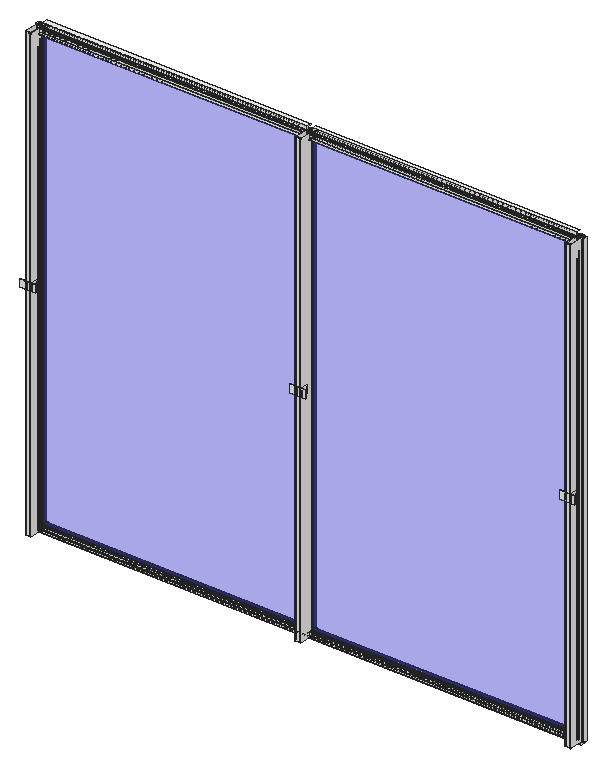
Revit family "Facade_60_Curtain_Wall_I21_Standard", category Windows, host Wall, Revit 2014 (continued)
Definition of nested family "F60 Vertical Profile Side_I21_Std"
  Automatic sketch dimensions
    Extrusion 9 sketch curve to Extrusion 9 sketch curve = 0.7 mm
    Extrusion 9 sketch curve to Extrusion 9 sketch curve = 0.808 mm
    Extrusion 9 sketch curve to plane 1 "Center (Front/Back)" = 2.272 mm  (x2)
    Extrusion 9 sketch curve to Extrusion 9 sketch curve = 0.303 mm
    Extrusion 9 sketch curve to plane 1 "Center (Front/Back)" = 1.745 mm
    Extrusion 9 sketch curve to Extrusion 9 sketch curve = 0.356 mm
    plane 1 "Center (Front/Back)" to Extrusion 9 sketch curve = 9.206 mm  (x2)
    Extrusion 9 sketch curve to Extrusion 9 sketch curve = 1.647 mm
    Extrusion 9 sketch curve to Extrusion 9 sketch curve = 0.701 mm
    Extrusion 9 sketch curve to Extrusion 9 sketch curve = 0.992 mm
    Extrusion 9 sketch curve to Extrusion 9 sketch curve = 0.003 mm
    Extrusion 9 sketch curve to Extrusion 9 sketch curve = 0.002 mm
    Extrusion 9 sketch curve to Extrusion 9 sketch curve = 0.004 mm
    Extrusion 9 sketch curve to Extrusion 9 sketch curve = 0.708 mm
    Extrusion 9 sketch curve to plane 1 "Center (Front/Back)" = 1.946 mm
    Extrusion 9 sketch curve to Extrusion 9 sketch curve = 0.899 mm
    Extrusion 9 sketch curve to Extrusion 9 sketch curve = 0.444 mm
    Extrusion 9 sketch curve to Extrusion 9 sketch curve = 3.038 mm
    Extrusion 9 sketch curve to plane 1 "Center (Front/Back)" = 0.385 mm  (x2)
    Extrusion 9 sketch curve to Extrusion 9 sketch curve = 0.756 mm
    Extrusion 9 sketch curve to Extrusion 9 sketch curve = 2.153 mm
    Extrusion 9 sketch curve to Extrusion 9 sketch curve = 0.631 mm
    Extrusion 9 sketch curve to Extrusion 9 sketch curve = 0.807 mm
    Extrusion 9 sketch curve to Extrusion 9 sketch curve = 1.646 mm
    Extrusion 9 sketch curve to Extrusion 9 sketch curve = 0.707 mm
    Extrusion 9 sketch curve to Extrusion 9 sketch curve = 1.393 mm
    Extrusion 9 sketch curve to Extrusion 9 sketch curve = 1.923 mm
    Extrusion 9 sketch curve to Extrusion 9 sketch curve = 11.937 mm
    Extrusion 9 sketch curve to Extrusion 9 sketch curve = 1.6 mm
    Extrusion 9 sketch curve to Extrusion 9 sketch curve = 0.9 mm  (x2)
    Extrusion 9 sketch curve to Extrusion 9 sketch curve = 1.356 mm  (x2)
    Extrusion 9 sketch curve to Extrusion 9 sketch curve = 0.714 mm
    Extrusion 9 sketch curve to Extrusion 9 sketch curve = 0.02 mm
    Extrusion 9 sketch curve to Extrusion 9 sketch curve = 0.399 mm
    Extrusion 9 sketch curve to Extrusion 9 sketch curve = 2.224 mm
    Extrusion 9 sketch curve to Extrusion 9 sketch curve = 0.448 mm
    Extrusion 9 sketch curve to plane 1 "Center (Front/Back)" = 0.198 mm
    Extrusion 9 sketch curve to plane 1 "Center (Front/Back)" = 0.201 mm
    Extrusion 9 sketch curve to Extrusion 9 sketch curve = 0.032 mm
    Extrusion 9 sketch curve to Extrusion 9 sketch curve = 0 mm
    plane 3 "Center (Left/Right)" to Extrusion 10 sketch curve = 1.014 mm
    Extrusion 10 sketch curve to Extrusion 10 sketch curve = 0.469 mm  (x2)
    plane 3 "Center (Left/Right)" to Extrusion 10 sketch curve = 1.706 mm
    Extrusion 10 sketch curve to Extrusion 10 sketch curve = 1.079 mm
    Extrusion 10 sketch curve to Extrusion 10 sketch curve = 0.864 mm
    Extrusion 10 sketch curve to Extrusion 10 sketch curve = 1.15 mm  (x4)
    Extrusion 10 sketch curve to Extrusion 10 sketch curve = 3.2 mm  (x2)
    Extrusion 10 sketch curve to Extrusion 10 sketch curve = 3.031 mm  (x2)
    Extrusion 10 sketch curve to Extrusion 10 sketch curve = 0.6 mm  (x3)
    Extrusion 10 sketch curve to Extrusion 10 sketch curve = 15.584 mm  (x2)
    Extrusion 10 sketch curve to Extrusion 10 sketch curve = 0.808 mm  (x2)
    Extrusion 10 sketch curve to Extrusion 10 sketch curve = 3.038 mm
    Extrusion 10 sketch curve to Extrusion 10 sketch curve = 0.865 mm
    Extrusion 10 sketch curve to Extrusion 10 sketch curve = 1.25 mm  (x5)
    Extrusion 10 sketch curve to Extrusion 10 sketch curve = 0.61 mm
    plane 1 "Center (Front/Back)" to Extrusion 10 sketch curve = 31.288 mm
    Extrusion 10 sketch curve to Extrusion 10 sketch curve = 0.362 mm
    plane 1 "Center (Front/Back)" to Extrusion 10 sketch curve = 31.65 mm
    Extrusion 10 sketch curve to Extrusion 10 sketch curve = 0.962 mm
    Extrusion 10 sketch curve to Extrusion 10 sketch curve = 0.85 mm
    Extrusion 10 sketch curve to Extrusion 10 sketch curve = 0.512 mm  (x2)
    Extrusion 10 sketch curve to Extrusion 10 sketch curve = 0.4 mm  (x2)
    Extrusion 10 sketch curve to Extrusion 10 sketch curve = 1 mm
    Extrusion 10 sketch curve to Extrusion 10 sketch curve = 2.8 mm
    Extrusion 10 sketch curve to Extrusion 10 sketch curve = 0 mm  (x2)
    Extrusion 10 sketch curve to Extrusion 10 sketch curve = 1.4 mm
    Extrusion 10 sketch curve to Extrusion 10 sketch curve = 0.539 mm  (x2)
    plane 1 "Center (Front/Back)" to Extrusion 10 sketch curve = 28.864 mm
    Extrusion 11 sketch curve to plane 3 "Center (Left/Right)" = 0 mm
    plane 3 "Center (Left/Right)" to Extrusion 11 sketch curve = 0.65 mm
    Extrusion 11 sketch curve to Extrusion 11 sketch curve = 0.128 mm  (x2)
    plane 3 "Center (Left/Right)" to Extrusion 11 sketch curve = 1.014 mm
    plane 3 "Center (Left/Right)" to Extrusion 11 sketch curve = 1.05 mm
    Extrusion 11 sketch curve to Extrusion 11 sketch curve = 0.469 mm  (x2)
    Extrusion 11 sketch curve to Extrusion 11 sketch curve = 1.079 mm
    Extrusion 11 sketch curve to Extrusion 11 sketch curve = 1.317 mm  (x2)
    Extrusion 11 sketch curve to Extrusion 11 sketch curve = 0 mm  (x3)
    plane 3 "Center (Left/Right)" to Extrusion 11 sketch curve = 3.85 mm
    Extrusion 11 sketch curve to Extrusion 11 sketch curve = 0.15 mm  (x2)
    Extrusion 11 sketch curve to Extrusion 11 sketch curve = 26 mm  (x2)
    Extrusion 11 sketch curve to Extrusion 11 sketch curve = 1.05 mm
    Extrusion 11 sketch curve to Extrusion 11 sketch curve = 0.707 mm
    Extrusion 11 sketch curve to Extrusion 11 sketch curve = 0.433 mm
    plane 1 "Center (Front/Back)" to Extrusion 11 sketch curve = 31.288 mm
    plane 1 "Center (Front/Back)" to Extrusion 11 sketch curve = 28.065 mm
    Extrusion 11 sketch curve to Extrusion 11 sketch curve = 1.314 mm
    Extrusion 11 sketch curve to Extrusion 11 sketch curve = 0.65 mm
    Extrusion 11 sketch curve to Extrusion 11 sketch curve = 0.5 mm  (x2)
    plane 1 "Center (Front/Back)" to Extrusion 11 sketch curve = 32.75 mm
    Extrusion 11 sketch curve to Extrusion 11 sketch curve = 0.1 mm  (x3)
    Extrusion 11 sketch curve to Extrusion 11 sketch curve = 1.1 mm  (x2)
    Extrusion 11 sketch curve to Extrusion 11 sketch curve = 8.608 mm
    Extrusion 11 sketch curve to Extrusion 11 sketch curve = 0.962 mm
    Extrusion 12 sketch curve to plane 3 "Center (Left/Right)" = 21.349 mm
    Extrusion 12 sketch curve to Extrusion 12 sketch curve = 6.35 mm
    plane 3 "Center (Left/Right)" to Extrusion 12 sketch curve = 10.403 mm
    plane 1 "Center (Front/Back)" to Extrusion 12 sketch curve = 35.567 mm
    plane 1 "Center (Front/Back)" to Extrusion 12 sketch curve = 10.171 mm
    plane 1 "Center (Front/Back)" to Extrusion 12 sketch curve = 3.821 mm
    Extrusion 13 sketch curve to plane 3 "Center (Left/Right)" = 21.35 mm
    Extrusion 13 sketch curve to Extrusion 13 sketch curve = 6.35 mm
    plane 3 "Center (Left/Right)" to Extrusion 13 sketch curve = 10.402 mm
    plane 1 "Center (Front/Back)" to Extrusion 13 sketch curve = 33.172 mm
    plane 1 "Center (Front/Back)" to Extrusion 13 sketch curve = 7.775 mm
    plane 1 "Center (Front/Back)" to Extrusion 13 sketch curve = 1.425 mm
    Extrusion 14 sketch curve to plane 3 "Center (Left/Right)" = 0 mm
    plane 3 "Center (Left/Right)" to Extrusion 14 sketch curve = 1.2 mm
    Extrusion 14 sketch curve to Extrusion 14 sketch curve = 9.6 mm
    Extrusion 14 sketch curve to Extrusion 14 sketch curve = 1.2 mm  (x3)
    plane 1 "Center (Front/Back)" to Extrusion 14 sketch curve = 25.775 mm
    plane 1 "Center (Front/Back)" to Extrusion 14 sketch curve = 8.975 mm
    curve 4 to Extrusion 6 = 0 mm
    curve 3 to Extrusion 6 = 0 mm
    curve 1 to Extrusion 6 = 0 mm
    curve 4 to Extrusion 6 = 3.6 mm
    curve 3 to Extrusion 6 = 3.6 mm
    curve 1 to Extrusion 6 = 3.6 mm
    Extrusion 6 to curve 2 = 1 mm
    Extrusion 6 to curve 5 = 1 mm
    Extrusion 6 to curve 6 = 1 mm
    curve 6 to Extrusion 6 = 1 mm
    curve 5 to Extrusion 6 = 1 mm
    curve 2 to Extrusion 6 = 1 mm
    curve 9 to Extrusion 6 = 0 mm
    curve 8 to Extrusion 6 = 0 mm
    curve 7 to Extrusion 6 = 0 mm
    Extrusion 6 to curve 8 = 3.6 mm
    Extrusion 6 to curve 9 = 3.6 mm
    Extrusion 6 to curve 7 = 3.6 mm
    curve 12 to Extrusion 5 = 25.894 mm
    curve 11 to Extrusion 5 = 25.894 mm
    curve 10 to Extrusion 5 = 25.894 mm
    curve 10 to Extrusion 5 = 0.108 mm
    Extrusion 5 to curve 12 = 0.703 mm
    Extrusion 5 to curve 11 = 0.703 mm
    curve 13 to Extrusion 5 = 4 mm
    curve 14 to Extrusion 5 = 4 mm
    curve 15 to Extrusion 5 = 4 mm
    Extrusion 5 to curve 15 = 0.702 mm
    Extrusion 5 to curve 14 = 0.702 mm
    Extrusion 5 to curve 13 = 0.702 mm
    curve 18 to Extrusion 7 = 0 mm
    curve 17 to Extrusion 7 = 0 mm
    curve 16 to Extrusion 7 = 0 mm
    Extrusion 7 to curve 17 = 3.6 mm
    Extrusion 7 to curve 18 = 3.6 mm
    Extrusion 7 to curve 16 = 3.6 mm
    Extrusion 7 to curve 21 = 1 mm  (x2)
    Extrusion 7 to curve 20 = 1 mm  (x2)
    Extrusion 7 to curve 19 = 1 mm  (x2)
    curve 24 to Extrusion 7 = 0 mm
    curve 23 to Extrusion 7 = 0 mm
    curve 22 to Extrusion 7 = 0 mm
    curve 24 to Extrusion 7 = 3.6 mm
    curve 23 to Extrusion 7 = 3.6 mm
    curve 22 to Extrusion 7 = 3.6 mm
    curve 27 to Extrusion 8 = 0 mm
    curve 26 to Extrusion 8 = 0 mm
    curve 25 to Extrusion 8 = 0 mm
    Extrusion 8 to curve 26 = 3.6 mm
    Extrusion 8 to curve 27 = 3.6 mm
    Extrusion 8 to curve 25 = 3.6 mm
    Extrusion 8 to curve 30 = 0.221 mm
    Extrusion 8 to curve 29 = 0.221 mm
    Extrusion 8 to curve 28 = 0.221 mm
    curve 29 to Extrusion 8 = 0.222 mm
    curve 30 to Extrusion 8 = 0.222 mm
    curve 28 to Extrusion 8 = 0.222 mm
    curve 33 to Extrusion 8 = 0 mm
    curve 32 to Extrusion 8 = 0 mm
    curve 31 to Extrusion 8 = 0 mm
    curve 33 to Extrusion 8 = 3.6 mm
    curve 32 to Extrusion 8 = 3.6 mm
    curve 31 to Extrusion 8 = 3.6 mm
    curve 34 to Extrusion 11 = 4.016 mm
    curve 35 to Extrusion 11 = 4.016 mm
    curve 36 to Extrusion 11 = 3.97 mm
    Extrusion 11 to curve 36 = 0.637 mm
    Extrusion 11 to curve 35 = 0.637 mm
    Extrusion 11 to curve 34 = 0.637 mm
    curve 37 to Extrusion 11 = 29.221 mm
    curve 38 to Extrusion 11 = 29.221 mm
    curve 39 to Extrusion 11 = 29.221 mm
    Extrusion 11 to curve 39 = 3.222 mm
    Extrusion 11 to curve 38 = 3.222 mm
    Extrusion 11 to curve 37 = 3.222 mm
Definition of nested family "F60 Horizontal Profile Top_I21_Std"
  Parameters (values of type "F60 Horizontal Profile Top")
    Thermal Break Material [instance] = none
    Single Glazing [instance] = yes
    Profile Material [instance] = none
    Length [instance] = 250 mm
    Double Glazing [instance] = yes
  Reference planes
    plane 1 "Center (Front/Back)": y = 0
    plane 2: z = 0
    plane 3 "Center (Left/Right)": x = 0
  Forms (mm)
    Extrusion 1, solid, material <- "Profile Material"
      sketch origin (0, 0, 0) x (0, 1, 0) y (0, 0, 1)
        loop
          line (-9.94, 7.845) -> (-8.37, 6.275) -> (-1.2, 10.415) -> (-1.2, 1.2) -> (-5, 1.2) -> (-5, 0) -> (-1, 0)
          arc (-1, 0) -> (-0.293, 0.293) -> (0, 1) r 1
          line (0, 1) -> (0, 30) -> (0, 59)
          arc (0, 59) -> (-0.293, 59.707) -> (-1, 60) r 1
          line (-1, 60) -> (-5, 60) -> (-5, 58.8) -> (-1.2, 58.8) -> (-1.2, 49.585) -> (-8.37, 53.725) -> (-9.94, 52.155)
          arc (-9.94, 52.155) -> (-9.902, 51.269) -> (-9.016, 51.232) r 0.655
          line (-9.016, 51.232) -> (-8.077, 52.17) -> (-1.2, 48.2) -> (-1.2, 30) -> (-1.2, 11.8) -> (-8.077, 7.83) -> (-9.016, 8.768)
          arc (-9.016, 8.768) -> (-9.902, 8.731) -> (-9.94, 7.845) r 0.655
      from 0 to 250 <- "Length"
    Extrusion 2, solid, material <- "Profile Material"
      sketch origin (0, 0, 0) x (0, 1, 0) y (0, 0, 1)
        loop
          line (-5, 60) -> (-44.6, 60) -> (-44.6, 58.35) -> (-39.944, 58.35) -> (-39.944, 1.65) -> (-44.6, 1.65) -> (-44.6, 0) -> (-5, 0) -> (-5, 2.2) -> (-4.2, 2.2) -> (-4.2, 3.018)
          arc (-4.2, 3.018) -> (-4.352, 3.783) -> (-4.786, 4.432) r 2
          line (-4.786, 4.432) -> (-7.054, 6.7) -> (-8, 6.489) -> (-8, 5.7) -> (-7.205, 5.7) -> (-7.205, 2.95) -> (-8, 2.95) -> (-8, 1.95) -> (-12.752, 1.95) -> (-12.752, 6.7) -> (-14.152, 6.7) -> (-14.152, 1.65) -> (-38.65, 1.65) -> (-38.65, 8.33) -> (-37.097, 8.33) -> (-34.666, 6.973)
          arc (-34.666, 6.973) -> (-33.846, 7.192) -> (-34.066, 8.012) r 0.6
          line (-34.066, 8.012) -> (-37.128, 9.78) -> (-38.65, 9.78) -> (-38.65, 12.65) -> (-37.6, 13.7) -> (-37.6, 20.3) -> (-38.65, 21.35) -> (-38.65, 38.65) -> (-37.6, 39.7) -> (-37.6, 46.3) -> (-38.65, 47.35) -> (-38.65, 50.22) -> (-37.128, 50.22) -> (-34.066, 51.988)
          arc (-34.066, 51.988) -> (-33.846, 52.808) -> (-34.666, 53.027) r 0.6
          line (-34.666, 53.027) -> (-37.032, 51.661) -> (-38.65, 51.661) -> (-38.65, 58.35) -> (-14.152, 58.35) -> (-14.152, 53.3) -> (-12.752, 53.3) -> (-12.752, 58.05) -> (-8, 58.05) -> (-8, 57.05) -> (-7.205, 57.05) -> (-7.205, 54.3) -> (-8, 54.3) -> (-8, 53.511) -> (-7.054, 53.3) -> (-4.786, 55.568)
          arc (-4.786, 55.568) -> (-4.352, 56.217) -> (-4.2, 56.982) r 2
          line (-4.2, 56.982) -> (-4.2, 57.8) -> (-5, 57.8) -> (-5, 60)
      from 0 to 250 <- "Length"
    Extrusion 3, solid, material <- "Thermal Break Material"
      sketch origin (0, 0, 0) x (0, 1, 0) y (0, 0, 1)
        loop
          line (-40, 1.75) -> (-40, 30) -> (-40, 58.25) -> (-44.6, 58.25) -> (-44.6, 60) -> (-45.9, 60) -> (-45.9, 53.65) -> (-41.788, 53.65)
          arc (-41.788, 53.65) -> (-41.363, 53.474) -> (-41.187, 53.05) r 0.6
          line (-41.187, 53.05) -> (-41.187, 30) -> (-41.187, 6.95)
          arc (-41.187, 6.95) -> (-41.363, 6.526) -> (-41.788, 6.35) r 0.6
          line (-41.788, 6.35) -> (-45.9, 6.35) -> (-45.9, 0) -> (-44.6, 0) -> (-44.6, 1.75) -> (-40, 1.75)
      from 0 to 250 <- "Length"
    Extrusion 4, solid, material <- "Profile Material"
      sketch origin (0, 0, 0) x (0, 1, 0) y (0, 0, 1)
        loop
          line (-58.5, 25.249) -> (-43.6, 25.249)
          arc (-43.6, 25.249) -> (-43.034, 25.015) -> (-42.8, 24.449) r 0.8
          line (-42.8, 24.449) -> (-42.8, 7.9) -> (-44.4, 7.9) -> (-44.4, 9.45) -> (-45.25, 9.45)
          arc (-45.25, 9.45) -> (-45.674, 9.274) -> (-45.85, 8.85) r 0.6
          line (-45.85, 8.85) -> (-45.85, 7.9) -> (-48.8, 7.9)
          arc (-48.8, 7.9) -> (-49.3, 8.4) -> (-49.8, 7.9) r 0.5
          line (-49.8, 7.9) -> (-49.8, 5.55) -> (-48.65, 5.55) -> (-48.65, 6.7) -> (-47.35, 6.7) -> (-47.35, 1.2) -> (-48.65, 1.2) -> (-48.65, 2.35) -> (-49.8, 2.35) -> (-49.8, 0.5)
          arc (-49.8, 0.5) -> (-49.654, 0.146) -> (-49.3, 0) r 0.5
          line (-49.3, 0) -> (-45.9, 0) -> (-45.9, 6.45) -> (-42.2, 6.45)
          arc (-42.2, 6.45) -> (-41.634, 6.684) -> (-41.4, 7.25) r 0.8
          line (-41.4, 7.25) -> (-41.4, 30) -> (-41.4, 52.75)
          arc (-41.4, 52.75) -> (-41.634, 53.316) -> (-42.2, 53.55) r 0.8
          line (-42.2, 53.55) -> (-45.9, 53.55) -> (-45.9, 60) -> (-49.3, 60)
          arc (-49.3, 60) -> (-49.654, 59.854) -> (-49.8, 59.5) r 0.5
          line (-49.8, 59.5) -> (-49.8, 57.65) -> (-48.65, 57.65) -> (-48.65, 58.8) -> (-47.35, 58.8) -> (-47.35, 53.3) -> (-48.65, 53.3) -> (-48.65, 54.45) -> (-49.8, 54.45) -> (-49.8, 52.1)
          arc (-49.8, 52.1) -> (-49.3, 51.6) -> (-48.8, 52.1) r 0.5
          line (-48.8, 52.1) -> (-45.85, 52.1) -> (-45.85, 51.15)
          arc (-45.85, 51.15) -> (-45.674, 50.726) -> (-45.25, 50.55) r 0.6
          line (-45.25, 50.55) -> (-44.4, 50.55) -> (-44.4, 52.1) -> (-42.8, 52.1) -> (-42.8, 35.551)
          arc (-42.8, 35.551) -> (-43.034, 34.985) -> (-43.6, 34.751) r 0.8
          line (-43.6, 34.751) -> (-58.5, 34.751)
          arc (-58.5, 34.751) -> (-59.066, 34.516) -> (-59.3, 33.951) r 0.8
          line (-59.3, 33.951) -> (-59.3, 32.902) -> (-42.8, 32.902) -> (-42.8, 27.1) -> (-59.3, 27.1) -> (-59.3, 26.049)
          arc (-59.3, 26.049) -> (-59.066, 25.484) -> (-58.5, 25.249) r 0.8
      from 0 to 250 <- "Length"
    Extrusion 5, solid, material <- "Thermal Break Material", visible <- "Single Glazing"
      sketch origin (0, 0, 0) x (0, 1, 0) y (0, 0, 1)
        loop
          arc (-63.8, 25.751) -> (-63.654, 25.397) -> (-63.3, 25.251) r 0.5
          line (-63.3, 25.251) -> (-59.8, 25.251)
          arc (-59.8, 25.251) -> (-59.446, 25.397) -> (-59.3, 25.751) r 0.5
          line (-59.3, 25.751) -> (-59.3, 27.648) -> (-49.599, 27.648) -> (-47.528, 28.651)
          arc (-47.528, 28.651) -> (-46.803, 30.001) -> (-47.528, 31.351) r 1.62
          line (-47.528, 31.351) -> (-49.599, 32.353) -> (-59.3, 32.353) -> (-59.3, 34.251)
          arc (-59.3, 34.251) -> (-59.446, 34.604) -> (-59.8, 34.751) r 0.5
          line (-59.8, 34.751) -> (-63.3, 34.751)
          arc (-63.3, 34.751) -> (-63.654, 34.604) -> (-63.8, 34.251) r 0.5
          line (-63.8, 34.251) -> (-63.8, 32.328) -> (-62.4, 31.52) -> (-62.4, 28.483) -> (-63.8, 27.673) -> (-63.8, 25.751)
        loop
          line (-59.794, 28.506) -> (-59.006, 29.294)
          arc (-59.006, 29.294) -> (-58.788, 29.618) -> (-58.713, 30.001) r 0.986
          arc (-58.713, 30.001) -> (-58.79, 30.384) -> (-59.008, 30.71) r 1.007
          line (-59.008, 30.71) -> (-59.794, 31.496) -> (-60.65, 31.496)
          arc (-60.65, 31.496) -> (-61.004, 31.349) -> (-61.15, 30.996) r 0.5
          line (-61.15, 30.996) -> (-61.15, 29.006)
          arc (-61.15, 29.006) -> (-61.004, 28.652) -> (-60.65, 28.506) r 0.5
          line (-60.65, 28.506) -> (-59.794, 28.506)
        loop
          line (-47.854, 30.898) -> (-49.415, 31.653) -> (-56.782, 31.653)
          arc (-56.782, 31.653) -> (-57.207, 31.417) -> (-57.23, 30.932) r 0.5
          arc (-57.23, 30.932) -> (-57.013, 30.001) -> (-57.23, 29.07) r 2.099
          arc (-57.23, 29.07) -> (-57.207, 28.584) -> (-56.782, 28.348) r 0.5
          line (-56.782, 28.348) -> (-49.415, 28.348) -> (-48.055, 29.007)
          arc (-48.055, 29.007) -> (-47.35, 29.888) -> (-47.854, 30.898) r 1.047
      from 0 to 250 <- "Length"
    Extrusion 6, solid, material <- "Profile Material", visible <- "Single Glazing"
      sketch origin (0, 0, 0) x (0, 1, 0) y (0, 0, 1)
        loop
          line (-63.8, 52.694) -> (-64.8, 52.694) -> (-64.8, 51.544) -> (-66.05, 51.544) -> (-66.05, 57.044) -> (-64.8, 57.044) -> (-64.8, 55.894) -> (-63.8, 55.894) -> (-63.8, 58.294)
          arc (-63.8, 58.294) -> (-64.082, 58.803) -> (-64.664, 58.835) r 0.6
          line (-64.664, 58.835) -> (-66.562, 57.91) -> (-67.088, 58.988) -> (-68.05, 58.519) -> (-68.05, 48.513)
          arc (-68.05, 48.513) -> (-67.874, 48.089) -> (-67.45, 47.913) r 0.6
          line (-67.45, 47.913) -> (-66.6, 47.913) -> (-66.6, 12.09) -> (-67.45, 12.09)
          arc (-67.45, 12.09) -> (-67.874, 11.914) -> (-68.05, 11.49) r 0.6
          line (-68.05, 11.49) -> (-68.05, 1.485) -> (-67.088, 1.016) -> (-66.562, 2.095) -> (-64.663, 1.169)
          arc (-64.663, 1.169) -> (-64.082, 1.2) -> (-63.8, 1.709) r 0.6
          line (-63.8, 1.709) -> (-63.8, 4.109) -> (-64.8, 4.109) -> (-64.8, 2.959) -> (-66.05, 2.959) -> (-66.05, 8.459) -> (-64.8, 8.459) -> (-64.8, 7.309) -> (-63.8, 7.309) -> (-63.8, 27.674) -> (-62.4, 28.483) -> (-62.4, 31.521) -> (-63.8, 32.329) -> (-63.8, 52.694)
      from 0 to 250 <- "Length"
    Extrusion 7, solid, material <- "Profile Material", visible <- "Single Glazing"
      sketch origin (0, 0, 0) x (0, 1, 0) y (0, 0, 1)
        loop
          line (-68.551, 3.3) -> (-76.559, 3.3) -> (-76.559, 30) -> (-76.559, 56.15)
          arc (-76.559, 56.15) -> (-75.739, 58.13) -> (-73.759, 58.95) r 2.8
          line (-73.759, 58.95) -> (-69.151, 58.95) -> (-69.151, 57.2)
          arc (-69.151, 57.2) -> (-68.987, 56.829) -> (-68.601, 56.703) r 0.5
          arc (-68.601, 56.703) -> (-68.216, 56.829) -> (-68.051, 57.2) r 0.5
          line (-68.051, 57.2) -> (-68.051, 58.517) -> (-67.089, 58.986) -> (-66.563, 57.907) -> (-63.866, 59.222)
          arc (-63.866, 59.222) -> (-64.001, 59.762) -> (-64.504, 60) r 0.65
          line (-64.504, 60) -> (-73.859, 60)
          arc (-73.859, 60) -> (-76.687, 58.828) -> (-77.859, 56) r 4
          line (-77.859, 56) -> (-77.859, 30) -> (-77.859, 2.493)
          arc (-77.859, 2.493) -> (-77.197, 0.799) -> (-75.562, 0.002) r 2.5
          arc (-75.562, 0.002) -> (-75.182, 0.132) -> (-75.021, 0.5) r 0.5
          line (-75.021, 0.5) -> (-75.021, 2) -> (-69.151, 2) -> (-69.151, 0.5)
          arc (-69.151, 0.5) -> (-69.005, 0.146) -> (-68.651, 0) r 0.5
          line (-68.651, 0) -> (-64.504, 0)
          arc (-64.504, 0) -> (-64.001, 0.238) -> (-63.866, 0.778) r 0.65
          line (-63.866, 0.778) -> (-66.563, 2.093) -> (-67.089, 1.014) -> (-68.051, 1.483) -> (-68.051, 2.8)
          arc (-68.051, 2.8) -> (-68.198, 3.154) -> (-68.551, 3.3) r 0.5
      from 0 to 250 <- "Length"
    Extrusion 8, solid, material <- "Thermal Break Material", visible <- "Double Glazing"
      sketch origin (0, 0, 0) x (0, 1, 0) y (0, 0, 1)
        loop
          line (-77.8, 27.673) -> (-77.8, 25.751)
          arc (-77.8, 25.751) -> (-77.654, 25.397) -> (-77.3, 25.251) r 0.5
          line (-77.3, 25.251) -> (-59.8, 25.251)
          arc (-59.8, 25.251) -> (-59.446, 25.397) -> (-59.3, 25.751) r 0.5
          line (-59.3, 25.751) -> (-59.3, 27.647) -> (-49.599, 27.647) -> (-47.528, 28.649)
          arc (-47.528, 28.649) -> (-46.803, 29.999) -> (-47.528, 31.349) r 1.62
          line (-47.528, 31.349) -> (-49.602, 32.353) -> (-59.3, 32.353) -> (-59.3, 34.251)
          arc (-59.3, 34.251) -> (-59.446, 34.604) -> (-59.8, 34.751) r 0.5
          line (-59.8, 34.751) -> (-77.3, 34.751)
          arc (-77.3, 34.751) -> (-77.654, 34.604) -> (-77.8, 34.251) r 0.5
          line (-77.8, 34.251) -> (-77.8, 32.327) -> (-76.4, 31.52) -> (-76.4, 28.482) -> (-77.8, 27.673)
        loop
          line (-59.006, 30.708) -> (-61.156, 32.858)
          arc (-61.156, 32.858) -> (-61.48, 33.074) -> (-61.863, 33.151) r 1
          line (-61.863, 33.151) -> (-73.8, 33.151)
          arc (-73.8, 33.151) -> (-74.507, 32.858) -> (-74.8, 32.151) r 1
          line (-74.8, 32.151) -> (-74.8, 27.851)
          arc (-74.8, 27.851) -> (-74.507, 27.144) -> (-73.8, 26.851) r 1
          line (-73.8, 26.851) -> (-61.863, 26.851)
          arc (-61.863, 26.851) -> (-61.48, 26.927) -> (-61.156, 27.144) r 1
          line (-61.156, 27.144) -> (-59.006, 29.294)
          arc (-59.006, 29.294) -> (-58.788, 29.618) -> (-58.713, 30.001) r 0.986
          arc (-58.713, 30.001) -> (-58.79, 30.383) -> (-59.006, 30.708) r 1.007
        loop
          line (-56.782, 28.347) -> (-49.415, 28.347) -> (-48.055, 29.005)
          arc (-48.055, 29.005) -> (-47.35, 29.887) -> (-47.854, 30.896) r 1.047
          line (-47.854, 30.896) -> (-49.415, 31.652) -> (-56.782, 31.652)
          arc (-56.782, 31.652) -> (-57.207, 31.416) -> (-57.23, 30.93) r 0.5
          arc (-57.23, 30.93) -> (-57.013, 29.999) -> (-57.23, 29.068) r 2.099
          arc (-57.23, 29.068) -> (-57.207, 28.583) -> (-56.782, 28.347) r 0.5
      from 0 to 250 <- "Length"
    Extrusion 9, solid, material <- "Profile Material", visible <- "Double Glazing"
      sketch origin (0, 0, 0) x (0, 1, 0) y (0, 0, 1)
        loop
          line (-77.8, 52.694) -> (-78.8, 52.694) -> (-78.8, 51.544) -> (-80.05, 51.544) -> (-80.05, 57.044) -> (-78.8, 57.044) -> (-78.8, 55.894) -> (-77.8, 55.894) -> (-77.8, 58.294)
          arc (-77.8, 58.294) -> (-78.082, 58.802) -> (-78.664, 58.834) r 0.6
          line (-78.664, 58.834) -> (-80.562, 57.909) -> (-81.088, 58.988) -> (-82.05, 58.518) -> (-82.05, 48.512)
          arc (-82.05, 48.512) -> (-81.874, 48.088) -> (-81.45, 47.912) r 0.6
          line (-81.45, 47.912) -> (-80.6, 47.912) -> (-80.6, 12.089) -> (-81.45, 12.089)
          arc (-81.45, 12.089) -> (-81.874, 11.913) -> (-82.05, 11.489) r 0.6
          line (-82.05, 11.489) -> (-82.05, 1.484) -> (-81.088, 1.015) -> (-80.562, 2.094) -> (-78.663, 1.169)
          arc (-78.663, 1.169) -> (-78.082, 1.199) -> (-77.8, 1.708) r 0.6
          line (-77.8, 1.708) -> (-77.8, 4.108) -> (-78.8, 4.108) -> (-78.8, 2.958) -> (-80.05, 2.958) -> (-80.05, 8.458) -> (-78.8, 8.458) -> (-78.8, 7.308) -> (-77.8, 7.308) -> (-77.8, 27.673) -> (-76.4, 28.482) -> (-76.4, 31.52) -> (-77.8, 32.328) -> (-77.8, 52.694)
      from 0 to 250 <- "Length"
    Extrusion 10, solid, material <- "Profile Material", visible <- "Double Glazing"
      sketch origin (0, 0, 0) x (0, 1, 0) y (0, 0, 1)
        loop
          line (-82.551, 3.3) -> (-90.558, 3.3) -> (-90.558, 30) -> (-90.558, 56.15)
          arc (-90.558, 56.15) -> (-89.738, 58.13) -> (-87.758, 58.95) r 2.8
          line (-87.758, 58.95) -> (-83.151, 58.95) -> (-83.151, 57.2)
          arc (-83.151, 57.2) -> (-82.986, 56.829) -> (-82.601, 56.703) r 0.5
          arc (-82.601, 56.703) -> (-82.215, 56.829) -> (-82.051, 57.2) r 0.5
          line (-82.051, 57.2) -> (-82.051, 58.517) -> (-81.088, 58.986) -> (-80.563, 57.907) -> (-77.866, 59.222)
          arc (-77.866, 59.222) -> (-78, 59.762) -> (-78.503, 60) r 0.65
          line (-78.503, 60) -> (-87.858, 60)
          arc (-87.858, 60) -> (-90.687, 58.828) -> (-91.858, 56) r 4
          line (-91.858, 56) -> (-91.858, 30) -> (-91.858, 2.493)
          arc (-91.858, 2.493) -> (-91.196, 0.799) -> (-89.561, 0.002) r 2.5
          arc (-89.561, 0.002) -> (-89.182, 0.132) -> (-89.021, 0.5) r 0.5
          line (-89.021, 0.5) -> (-89.021, 2) -> (-83.151, 2) -> (-83.151, 0.5)
          arc (-83.151, 0.5) -> (-83.004, 0.146) -> (-82.651, 0) r 0.5
          line (-82.651, 0) -> (-78.503, 0)
          arc (-78.503, 0) -> (-78, 0.238) -> (-77.866, 0.778) r 0.65
          line (-77.866, 0.778) -> (-80.563, 2.093) -> (-81.088, 1.014) -> (-82.051, 1.483) -> (-82.051, 2.8)
          arc (-82.051, 2.8) -> (-82.197, 3.154) -> (-82.551, 3.3) r 0.5
      from 0 to 250 <- "Length"
    Extrusion 11, solid, material <- "Profile Material", visible <- "Double Glazing"
      sketch origin (0, 0, 0) x (0, 1, 0) y (0, 0, 1)
        loop
          line (-57.8, 45.73) -> (-51.8, 45.73) -> (-51.8, 95.73) -> (-101.8, 95.73) -> (-101.8, 89.73) -> (-57.8, 89.73) -> (-57.8, 45.73)
      from 0 to 250 <- "Length"
    Extrusion 12, solid, material <- "Profile Material", visible <- "Double Glazing"
      sketch origin (0, 0, 0) x (0, 1, 0) y (0, 0, 1)
        loop
          line (-75.8, 48) -> (-57.8, 48) -> (-57.8, 60) -> (-75.8, 60) -> (-75.8, 48)
        loop
          line (-74.6, 49.2) -> (-59, 49.2) -> (-59, 58.8) -> (-74.6, 58.8) -> (-74.6, 49.2)
      from 0 to 250 <- "Length"
    Extrusion 13, solid, material <- "Profile Material", visible <- "Single Glazing"
      sketch origin (0, 0, 0) x (0, 1, 0) y (0, 0, 1)
        loop
          line (-59.8, 45.865) -> (-53.8, 45.865) -> (-53.8, 95.865) -> (-103.8, 95.865) -> (-103.8, 89.865) -> (-59.8, 89.865) -> (-59.8, 45.865)
      from 0 to 250 <- "Length"
  Dimensions and locks
    aligned and locked: level to plane 2
Definition of nested family "F60 Sill_I21_Std"
  Parameters (values of type "F60 Sill")
    Profile Material [instance] = none
    Length Sill [instance] = 250 mm
  Reference planes
    plane 1 "Center (Front/Back)": y = 0
    plane 2: z = 0
    plane 3 "Center (Left/Right)": x = 0
  Forms (mm)
    Extrusion 1, solid, material <- "Profile Material"
      sketch origin (0, 0, 0) x (0, 1, 0) y (0, 0, 1)
        loop
          line (-42.734, 5.324) -> (-48.256, 4.643)
          arc (-48.256, 4.643) -> (-49.196, 4.147) -> (-49.572, 3.154) r 1.5
          line (-49.572, 3.154) -> (-49.572, 1.88) -> (-47.772, 1.88) -> (-47.772, 3.191) -> (-19.233, 6.714)
          arc (-19.233, 6.714) -> (-17.924, 7.083) -> (-16.785, 7.826) r 4.5
          line (-16.785, 7.826) -> (-16.785, 1.88) -> (-15.285, 1.88) -> (-15.285, 24.58)
          arc (-15.285, 24.58) -> (-15.109, 25.004) -> (-14.685, 25.18) r 0.6
          line (-14.685, 25.18) -> (-4.072, 25.18) -> (-4.072, 1.88) -> (-2.572, 1.88) -> (-2.572, 29.88) -> (-4.072, 29.88) -> (-4.072, 28.88) -> (-5.222, 28.88) -> (-5.222, 27.68) -> (-4.072, 27.68) -> (-4.072, 26.38) -> (-9.572, 26.38) -> (-9.572, 27.68) -> (-8.422, 27.68) -> (-8.422, 28.88) -> (-10.172, 28.88)
          arc (-10.172, 28.88) -> (-10.597, 28.704) -> (-10.772, 28.28) r 0.6
          line (-10.772, 28.28) -> (-10.772, 26.38) -> (-15.285, 26.38)
          arc (-15.285, 26.38) -> (-16.345, 25.941) -> (-16.785, 24.88) r 1.5
          line (-16.785, 24.88) -> (-16.785, 11.18)
          arc (-16.785, 11.18) -> (-17.537, 9.193) -> (-19.417, 8.203) r 3
          line (-19.417, 8.203) -> (-39.35, 5.742)
          arc (-39.35, 5.742) -> (-40.527, 6.107) -> (-41.034, 7.231) r 1.5
          line (-41.034, 7.231) -> (-41.034, 19.996)
          arc (-41.034, 19.996) -> (-40.883, 20.394) -> (-40.507, 20.592) r 0.6
          line (-40.507, 20.592) -> (-32.917, 21.529)
          arc (-32.917, 21.529) -> (-31.977, 22.024) -> (-31.601, 23.017) r 1.5
          line (-31.601, 23.017) -> (-31.601, 28.88) -> (-33.101, 28.88) -> (-33.101, 23.548)
          arc (-33.101, 23.548) -> (-33.251, 23.15) -> (-33.627, 22.952) r 0.6
          line (-33.627, 22.952) -> (-45.787, 21.451)
          arc (-45.787, 21.451) -> (-46.727, 20.956) -> (-47.104, 19.962) r 1.5
          line (-47.104, 19.962) -> (-47.104, 19.054)
          arc (-47.104, 19.054) -> (-46.957, 18.7) -> (-46.604, 18.554) r 0.5
          line (-46.604, 18.554) -> (-45.604, 18.554) -> (-45.604, 19.962) -> (-42.734, 20.317) -> (-42.734, 5.324)
      from 0 to 250 <- "Length Sill"
  Dimensions and locks
    aligned and locked: level to plane 2
Definition of nested family "F60 Horizontal Profile Bottom_I21_Std"
  Parameters (values of type "F60 Horizontal Profile Bottom")
    Thermal Break Material [instance] = none
    Single Glazing [instance] = yes
    Profile Material [instance] = none
    Length [instance] = 250 mm
    Double Glazing [instance] = yes
  Reference planes
    plane 1 "Center (Front/Back)": y = 0
    plane 2: z = 0
    plane 3 "Center (Left/Right)": x = 0
  Forms (mm)
    Extrusion 1, solid, material <- "Profile Material"
      sketch origin (0, 0, 0) x (0, 1, 0) y (0, 0, 1)
        loop
          line (-9.94, 7.845) -> (-8.37, 6.275) -> (-1.2, 10.415) -> (-1.2, 1.2) -> (-5, 1.2) -> (-5, 0) -> (-1, 0)
          arc (-1, 0) -> (-0.293, 0.293) -> (0, 1) r 1
          line (0, 1) -> (0, 30) -> (0, 59)
          arc (0, 59) -> (-0.293, 59.707) -> (-1, 60) r 1
          line (-1, 60) -> (-5, 60) -> (-5, 58.8) -> (-1.2, 58.8) -> (-1.2, 49.585) -> (-8.37, 53.725) -> (-9.94, 52.155)
          arc (-9.94, 52.155) -> (-9.902, 51.269) -> (-9.016, 51.232) r 0.655
          line (-9.016, 51.232) -> (-8.077, 52.17) -> (-1.2, 48.2) -> (-1.2, 30) -> (-1.2, 11.8) -> (-8.077, 7.83) -> (-9.016, 8.768)
          arc (-9.016, 8.768) -> (-9.902, 8.731) -> (-9.94, 7.845) r 0.655
      from 0 to 250 <- "Length"
    Extrusion 2, solid, material <- "Profile Material"
      sketch origin (0, 0, 0) x (0, 1, 0) y (0, 0, 1)
        loop
          line (-5, 60) -> (-44.6, 60) -> (-44.6, 58.35) -> (-39.944, 58.35) -> (-39.944, 1.65) -> (-44.6, 1.65) -> (-44.6, 0) -> (-5, 0) -> (-5, 2.2) -> (-4.2, 2.2) -> (-4.2, 3.018)
          arc (-4.2, 3.018) -> (-4.352, 3.783) -> (-4.786, 4.432) r 2
          line (-4.786, 4.432) -> (-7.054, 6.7) -> (-8, 6.489) -> (-8, 5.7) -> (-7.205, 5.7) -> (-7.205, 2.95) -> (-8, 2.95) -> (-8, 1.95) -> (-12.752, 1.95) -> (-12.752, 6.7) -> (-14.152, 6.7) -> (-14.152, 1.65) -> (-38.65, 1.65) -> (-38.65, 8.33) -> (-37.097, 8.33) -> (-34.666, 6.973)
          arc (-34.666, 6.973) -> (-33.846, 7.192) -> (-34.066, 8.012) r 0.6
          line (-34.066, 8.012) -> (-37.128, 9.78) -> (-38.65, 9.78) -> (-38.65, 12.65) -> (-37.6, 13.7) -> (-37.6, 20.3) -> (-38.65, 21.35) -> (-38.65, 38.65) -> (-37.6, 39.7) -> (-37.6, 46.3) -> (-38.65, 47.35) -> (-38.65, 50.22) -> (-37.128, 50.22) -> (-34.066, 51.988)
          arc (-34.066, 51.988) -> (-33.846, 52.808) -> (-34.666, 53.027) r 0.6
          line (-34.666, 53.027) -> (-37.032, 51.661) -> (-38.65, 51.661) -> (-38.65, 58.35) -> (-14.152, 58.35) -> (-14.152, 53.3) -> (-12.752, 53.3) -> (-12.752, 58.05) -> (-8, 58.05) -> (-8, 57.05) -> (-7.205, 57.05) -> (-7.205, 54.3) -> (-8, 54.3) -> (-8, 53.511) -> (-7.054, 53.3) -> (-4.786, 55.568)
          arc (-4.786, 55.568) -> (-4.352, 56.217) -> (-4.2, 56.982) r 2
          line (-4.2, 56.982) -> (-4.2, 57.8) -> (-5, 57.8) -> (-5, 60)
      from 0 to 250 <- "Length"
    Extrusion 3, solid, material <- "Thermal Break Material"
      sketch origin (0, 0, 0) x (0, 1, 0) y (0, 0, 1)
        loop
          line (-40, 1.75) -> (-40, 30) -> (-40, 58.25) -> (-44.6, 58.25) -> (-44.6, 60) -> (-45.9, 60) -> (-45.9, 53.65) -> (-41.788, 53.65)
          arc (-41.788, 53.65) -> (-41.363, 53.474) -> (-41.187, 53.05) r 0.6
          line (-41.187, 53.05) -> (-41.187, 30) -> (-41.187, 6.95)
          arc (-41.187, 6.95) -> (-41.363, 6.526) -> (-41.788, 6.35) r 0.6
          line (-41.788, 6.35) -> (-45.9, 6.35) -> (-45.9, 0) -> (-44.6, 0) -> (-44.6, 1.75) -> (-40, 1.75)
      from 0 to 250 <- "Length"
    Extrusion 4, solid, material <- "Profile Material"
      sketch origin (0, 0, 0) x (0, 1, 0) y (0, 0, 1)
        loop
          line (-58.5, 25.249) -> (-43.6, 25.249)
          arc (-43.6, 25.249) -> (-43.034, 25.015) -> (-42.8, 24.449) r 0.8
          line (-42.8, 24.449) -> (-42.8, 7.9) -> (-44.4, 7.9) -> (-44.4, 9.45) -> (-45.25, 9.45)
          arc (-45.25, 9.45) -> (-45.674, 9.274) -> (-45.85, 8.85) r 0.6
          line (-45.85, 8.85) -> (-45.85, 7.9) -> (-48.8, 7.9)
          arc (-48.8, 7.9) -> (-49.3, 8.4) -> (-49.8, 7.9) r 0.5
          line (-49.8, 7.9) -> (-49.8, 5.55) -> (-48.65, 5.55) -> (-48.65, 6.7) -> (-47.35, 6.7) -> (-47.35, 1.2) -> (-48.65, 1.2) -> (-48.65, 2.35) -> (-49.8, 2.35) -> (-49.8, 0.5)
          arc (-49.8, 0.5) -> (-49.654, 0.146) -> (-49.3, 0) r 0.5
          line (-49.3, 0) -> (-45.9, 0) -> (-45.9, 6.45) -> (-42.2, 6.45)
          arc (-42.2, 6.45) -> (-41.634, 6.684) -> (-41.4, 7.25) r 0.8
          line (-41.4, 7.25) -> (-41.4, 30) -> (-41.4, 52.75)
          arc (-41.4, 52.75) -> (-41.634, 53.316) -> (-42.2, 53.55) r 0.8
          line (-42.2, 53.55) -> (-45.9, 53.55) -> (-45.9, 60) -> (-49.3, 60)
          arc (-49.3, 60) -> (-49.654, 59.854) -> (-49.8, 59.5) r 0.5
          line (-49.8, 59.5) -> (-49.8, 57.65) -> (-48.65, 57.65) -> (-48.65, 58.8) -> (-47.35, 58.8) -> (-47.35, 53.3) -> (-48.65, 53.3) -> (-48.65, 54.45) -> (-49.8, 54.45) -> (-49.8, 52.1)
          arc (-49.8, 52.1) -> (-49.3, 51.6) -> (-48.8, 52.1) r 0.5
          line (-48.8, 52.1) -> (-45.85, 52.1) -> (-45.85, 51.15)
          arc (-45.85, 51.15) -> (-45.674, 50.726) -> (-45.25, 50.55) r 0.6
          line (-45.25, 50.55) -> (-44.4, 50.55) -> (-44.4, 52.1) -> (-42.8, 52.1) -> (-42.8, 35.551)
          arc (-42.8, 35.551) -> (-43.034, 34.985) -> (-43.6, 34.751) r 0.8
          line (-43.6, 34.751) -> (-58.5, 34.751)
          arc (-58.5, 34.751) -> (-59.066, 34.516) -> (-59.3, 33.951) r 0.8
          line (-59.3, 33.951) -> (-59.3, 32.902) -> (-42.8, 32.902) -> (-42.8, 27.1) -> (-59.3, 27.1) -> (-59.3, 26.049)
          arc (-59.3, 26.049) -> (-59.066, 25.484) -> (-58.5, 25.249) r 0.8
      from 0 to 250 <- "Length"
    Extrusion 5, solid, material <- "Thermal Break Material", visible <- "Single Glazing"
      sketch origin (0, 0, 0) x (0, 1, 0) y (0, 0, 1)
        loop
          arc (-63.8, 25.751) -> (-63.654, 25.397) -> (-63.3, 25.251) r 0.5
          line (-63.3, 25.251) -> (-59.8, 25.251)
          arc (-59.8, 25.251) -> (-59.446, 25.397) -> (-59.3, 25.751) r 0.5
          line (-59.3, 25.751) -> (-59.3, 27.648) -> (-49.599, 27.648) -> (-47.528, 28.651)
          arc (-47.528, 28.651) -> (-46.803, 30.001) -> (-47.528, 31.351) r 1.62
          line (-47.528, 31.351) -> (-49.599, 32.353) -> (-59.3, 32.353) -> (-59.3, 34.251)
          arc (-59.3, 34.251) -> (-59.446, 34.604) -> (-59.8, 34.751) r 0.5
          line (-59.8, 34.751) -> (-63.3, 34.751)
          arc (-63.3, 34.751) -> (-63.654, 34.604) -> (-63.8, 34.251) r 0.5
          line (-63.8, 34.251) -> (-63.8, 32.328) -> (-62.4, 31.52) -> (-62.4, 28.483) -> (-63.8, 27.673) -> (-63.8, 25.751)
        loop
          line (-59.794, 28.506) -> (-59.006, 29.294)
          arc (-59.006, 29.294) -> (-58.788, 29.618) -> (-58.713, 30.001) r 0.986
          arc (-58.713, 30.001) -> (-58.79, 30.384) -> (-59.008, 30.71) r 1.007
          line (-59.008, 30.71) -> (-59.794, 31.496) -> (-60.65, 31.496)
          arc (-60.65, 31.496) -> (-61.004, 31.349) -> (-61.15, 30.996) r 0.5
          line (-61.15, 30.996) -> (-61.15, 29.006)
          arc (-61.15, 29.006) -> (-61.004, 28.652) -> (-60.65, 28.506) r 0.5
          line (-60.65, 28.506) -> (-59.794, 28.506)
        loop
          line (-47.854, 30.898) -> (-49.415, 31.653) -> (-56.782, 31.653)
          arc (-56.782, 31.653) -> (-57.207, 31.417) -> (-57.23, 30.932) r 0.5
          arc (-57.23, 30.932) -> (-57.013, 30.001) -> (-57.23, 29.07) r 2.099
          arc (-57.23, 29.07) -> (-57.207, 28.584) -> (-56.782, 28.348) r 0.5
          line (-56.782, 28.348) -> (-49.415, 28.348) -> (-48.055, 29.007)
          arc (-48.055, 29.007) -> (-47.35, 29.888) -> (-47.854, 30.898) r 1.047
      from 0 to 250 <- "Length"
    Extrusion 6, solid, material <- "Profile Material", visible <- "Single Glazing"
      sketch origin (0, 0, 0) x (0, 1, 0) y (0, 0, 1)
        loop
          line (-63.8, 52.694) -> (-64.8, 52.694) -> (-64.8, 51.544) -> (-66.05, 51.544) -> (-66.05, 57.044) -> (-64.8, 57.044) -> (-64.8, 55.894) -> (-63.8, 55.894) -> (-63.8, 58.294)
          arc (-63.8, 58.294) -> (-64.082, 58.803) -> (-64.664, 58.835) r 0.6
          line (-64.664, 58.835) -> (-66.562, 57.91) -> (-67.088, 58.988) -> (-68.05, 58.519) -> (-68.05, 48.513)
          arc (-68.05, 48.513) -> (-67.874, 48.089) -> (-67.45, 47.913) r 0.6
          line (-67.45, 47.913) -> (-66.6, 47.913) -> (-66.6, 12.09) -> (-67.45, 12.09)
          arc (-67.45, 12.09) -> (-67.874, 11.914) -> (-68.05, 11.49) r 0.6
          line (-68.05, 11.49) -> (-68.05, 1.485) -> (-67.088, 1.016) -> (-66.562, 2.095) -> (-64.663, 1.169)
          arc (-64.663, 1.169) -> (-64.082, 1.2) -> (-63.8, 1.709) r 0.6
          line (-63.8, 1.709) -> (-63.8, 4.109) -> (-64.8, 4.109) -> (-64.8, 2.959) -> (-66.05, 2.959) -> (-66.05, 8.459) -> (-64.8, 8.459) -> (-64.8, 7.309) -> (-63.8, 7.309) -> (-63.8, 27.674) -> (-62.4, 28.483) -> (-62.4, 31.521) -> (-63.8, 32.329) -> (-63.8, 52.694)
      from 0 to 250 <- "Length"
    Extrusion 7, solid, material <- "Profile Material", visible <- "Single Glazing"
      sketch origin (0, 0, 0) x (0, 1, 0) y (0, 0, 1)
        loop
          line (-68.551, 3.3) -> (-76.559, 3.3) -> (-76.559, 30) -> (-76.559, 56.15)
          arc (-76.559, 56.15) -> (-75.739, 58.13) -> (-73.759, 58.95) r 2.8
          line (-73.759, 58.95) -> (-69.151, 58.95) -> (-69.151, 57.2)
          arc (-69.151, 57.2) -> (-68.987, 56.829) -> (-68.601, 56.703) r 0.5
          arc (-68.601, 56.703) -> (-68.216, 56.829) -> (-68.051, 57.2) r 0.5
          line (-68.051, 57.2) -> (-68.051, 58.517) -> (-67.089, 58.986) -> (-66.563, 57.907) -> (-63.866, 59.222)
          arc (-63.866, 59.222) -> (-64.001, 59.762) -> (-64.504, 60) r 0.65
          line (-64.504, 60) -> (-73.859, 60)
          arc (-73.859, 60) -> (-76.687, 58.828) -> (-77.859, 56) r 4
          line (-77.859, 56) -> (-77.859, 30) -> (-77.859, 2.493)
          arc (-77.859, 2.493) -> (-77.197, 0.799) -> (-75.562, 0.002) r 2.5
          arc (-75.562, 0.002) -> (-75.182, 0.132) -> (-75.021, 0.5) r 0.5
          line (-75.021, 0.5) -> (-75.021, 2) -> (-69.151, 2) -> (-69.151, 0.5)
          arc (-69.151, 0.5) -> (-69.005, 0.146) -> (-68.651, 0) r 0.5
          line (-68.651, 0) -> (-64.504, 0)
          arc (-64.504, 0) -> (-64.001, 0.238) -> (-63.866, 0.778) r 0.65
          line (-63.866, 0.778) -> (-66.563, 2.093) -> (-67.089, 1.014) -> (-68.051, 1.483) -> (-68.051, 2.8)
          arc (-68.051, 2.8) -> (-68.198, 3.154) -> (-68.551, 3.3) r 0.5
      from 0 to 250 <- "Length"
    Extrusion 8, solid, material <- "Thermal Break Material", visible <- "Double Glazing"
      sketch origin (0, 0, 0) x (0, 1, 0) y (0, 0, 1)
        loop
          line (-77.8, 27.673) -> (-77.8, 25.751)
          arc (-77.8, 25.751) -> (-77.654, 25.397) -> (-77.3, 25.251) r 0.5
          line (-77.3, 25.251) -> (-59.8, 25.251)
          arc (-59.8, 25.251) -> (-59.446, 25.397) -> (-59.3, 25.751) r 0.5
          line (-59.3, 25.751) -> (-59.3, 27.647) -> (-49.599, 27.647) -> (-47.528, 28.649)
          arc (-47.528, 28.649) -> (-46.803, 29.999) -> (-47.528, 31.349) r 1.62
          line (-47.528, 31.349) -> (-49.602, 32.353) -> (-59.3, 32.353) -> (-59.3, 34.251)
          arc (-59.3, 34.251) -> (-59.446, 34.604) -> (-59.8, 34.751) r 0.5
          line (-59.8, 34.751) -> (-77.3, 34.751)
          arc (-77.3, 34.751) -> (-77.654, 34.604) -> (-77.8, 34.251) r 0.5
          line (-77.8, 34.251) -> (-77.8, 32.327) -> (-76.4, 31.52) -> (-76.4, 28.482) -> (-77.8, 27.673)
        loop
          line (-59.006, 30.708) -> (-61.156, 32.858)
          arc (-61.156, 32.858) -> (-61.48, 33.074) -> (-61.863, 33.151) r 1
          line (-61.863, 33.151) -> (-73.8, 33.151)
          arc (-73.8, 33.151) -> (-74.507, 32.858) -> (-74.8, 32.151) r 1
          line (-74.8, 32.151) -> (-74.8, 27.851)
          arc (-74.8, 27.851) -> (-74.507, 27.144) -> (-73.8, 26.851) r 1
          line (-73.8, 26.851) -> (-61.863, 26.851)
          arc (-61.863, 26.851) -> (-61.48, 26.927) -> (-61.156, 27.144) r 1
          line (-61.156, 27.144) -> (-59.006, 29.294)
          arc (-59.006, 29.294) -> (-58.788, 29.618) -> (-58.713, 30.001) r 0.986
          arc (-58.713, 30.001) -> (-58.79, 30.383) -> (-59.006, 30.708) r 1.007
        loop
          line (-56.782, 28.347) -> (-49.415, 28.347) -> (-48.055, 29.005)
          arc (-48.055, 29.005) -> (-47.35, 29.887) -> (-47.854, 30.896) r 1.047
          line (-47.854, 30.896) -> (-49.415, 31.652) -> (-56.782, 31.652)
          arc (-56.782, 31.652) -> (-57.207, 31.416) -> (-57.23, 30.93) r 0.5
          arc (-57.23, 30.93) -> (-57.013, 29.999) -> (-57.23, 29.068) r 2.099
          arc (-57.23, 29.068) -> (-57.207, 28.583) -> (-56.782, 28.347) r 0.5
      from 0 to 250 <- "Length"
    Extrusion 9, solid, material <- "Profile Material", visible <- "Double Glazing"
      sketch origin (0, 0, 0) x (0, 1, 0) y (0, 0, 1)
        loop
          line (-77.8, 52.694) -> (-78.8, 52.694) -> (-78.8, 51.544) -> (-80.05, 51.544) -> (-80.05, 57.044) -> (-78.8, 57.044) -> (-78.8, 55.894) -> (-77.8, 55.894) -> (-77.8, 58.294)
          arc (-77.8, 58.294) -> (-78.082, 58.802) -> (-78.664, 58.834) r 0.6
          line (-78.664, 58.834) -> (-80.562, 57.909) -> (-81.088, 58.988) -> (-82.05, 58.518) -> (-82.05, 48.512)
          arc (-82.05, 48.512) -> (-81.874, 48.088) -> (-81.45, 47.912) r 0.6
          line (-81.45, 47.912) -> (-80.6, 47.912) -> (-80.6, 12.089) -> (-81.45, 12.089)
          arc (-81.45, 12.089) -> (-81.874, 11.913) -> (-82.05, 11.489) r 0.6
          line (-82.05, 11.489) -> (-82.05, 1.484) -> (-81.088, 1.015) -> (-80.562, 2.094) -> (-78.663, 1.169)
          arc (-78.663, 1.169) -> (-78.082, 1.199) -> (-77.8, 1.708) r 0.6
          line (-77.8, 1.708) -> (-77.8, 4.108) -> (-78.8, 4.108) -> (-78.8, 2.958) -> (-80.05, 2.958) -> (-80.05, 8.458) -> (-78.8, 8.458) -> (-78.8, 7.308) -> (-77.8, 7.308) -> (-77.8, 27.673) -> (-76.4, 28.482) -> (-76.4, 31.52) -> (-77.8, 32.328) -> (-77.8, 52.694)
      from 0 to 250 <- "Length"
    Extrusion 10, solid, material <- "Profile Material", visible <- "Double Glazing"
      sketch origin (0, 0, 0) x (0, 1, 0) y (0, 0, 1)
        loop
          line (-82.551, 3.3) -> (-90.558, 3.3) -> (-90.558, 30) -> (-90.558, 56.15)
          arc (-90.558, 56.15) -> (-89.738, 58.13) -> (-87.758, 58.95) r 2.8
          line (-87.758, 58.95) -> (-83.151, 58.95) -> (-83.151, 57.2)
          arc (-83.151, 57.2) -> (-82.986, 56.829) -> (-82.601, 56.703) r 0.5
          arc (-82.601, 56.703) -> (-82.215, 56.829) -> (-82.051, 57.2) r 0.5
          line (-82.051, 57.2) -> (-82.051, 58.517) -> (-81.088, 58.986) -> (-80.563, 57.907) -> (-77.866, 59.222)
          arc (-77.866, 59.222) -> (-78, 59.762) -> (-78.503, 60) r 0.65
          line (-78.503, 60) -> (-87.858, 60)
          arc (-87.858, 60) -> (-90.687, 58.828) -> (-91.858, 56) r 4
          line (-91.858, 56) -> (-91.858, 30) -> (-91.858, 2.493)
          arc (-91.858, 2.493) -> (-91.196, 0.799) -> (-89.561, 0.002) r 2.5
          arc (-89.561, 0.002) -> (-89.182, 0.132) -> (-89.021, 0.5) r 0.5
          line (-89.021, 0.5) -> (-89.021, 2) -> (-83.151, 2) -> (-83.151, 0.5)
          arc (-83.151, 0.5) -> (-83.004, 0.146) -> (-82.651, 0) r 0.5
          line (-82.651, 0) -> (-78.503, 0)
          arc (-78.503, 0) -> (-78, 0.238) -> (-77.866, 0.778) r 0.65
          line (-77.866, 0.778) -> (-80.563, 2.093) -> (-81.088, 1.014) -> (-82.051, 1.483) -> (-82.051, 2.8)
          arc (-82.051, 2.8) -> (-82.197, 3.154) -> (-82.551, 3.3) r 0.5
      from 0 to 250 <- "Length"
    Extrusion 11, solid, material <- "Profile Material", visible <- "Single Glazing"
      sketch origin (0, 0, 0) x (0, 1, 0) y (0, 0, 1)
        loop
          line (-63.8, 18) -> (-63.8, 0) -> (-51.8, 0) -> (-51.8, 18) -> (-63.8, 18)
        loop
          line (-62.6, 16.8) -> (-62.6, 1.2) -> (-53, 1.2) -> (-53, 16.8) -> (-62.6, 16.8)
      from 0 to 250 <- "Length"
    Extrusion 12, solid, material <- "Profile Material", visible <- "Double Glazing"
      sketch origin (0, 0, 0) x (0, 1, 0) y (0, 0, 1)
        loop
          line (-76.4, 0) -> (-51.4, 0) -> (-51.4, 25) -> (-76.4, 25) -> (-76.4, 0)
        loop
          line (-74.9, 1.5) -> (-52.9, 1.5) -> (-52.9, 23.5) -> (-74.9, 23.5) -> (-74.9, 1.5)
      from 0 to 250 <- "Length"
  Dimensions and locks
    aligned and locked: level to plane 2
Definition of nested family "F60_Single_Glazing_I21_Std"
  Parameters (values of type "F60_Single_Glazing")
    Glazing Width [instance] = 900 mm
    Glazing Height [instance] = 900 mm
    SG Thickness [instance] = 4 mm
    Glazing Finish [instance] = Glass
  Reference planes
    plane 1 "Center (Front/Back)": y = 0
    plane 2: z = 0
    plane 3 "Center (Left/Right)": x = 0
  Forms (mm)
    Extrusion 1, solid, material "Glass" <- "Glazing Finish"
      sketch origin (0, 0, 0) x (1, 0, 0) y (0, 0, 1)
        loop
          line (0, 0) -> (0, 900) -> (-900, 900) -> (-900, 0) -> (0, 0)
      from 0 to 4 <- "SG Thickness"
  Dimensions and locks
    "Glazing Width": plane 3 "Center (Left/Right)" to Extrusion 1 sketch curve
    "Glazing Height": Extrusion 1 sketch curve to level
    aligned and locked: level to plane 2
    aligned and locked: Extrusion 1 sketch curve to plane 3 "Center (Left/Right)"
    aligned and locked: level to Extrusion 1 sketch curve
Definition of nested family "F60_Double_Glazing_I21_Std"
  Parameters (values of type "F60_Double_Glazing")
    Glazing Width [instance] = 600 mm
    Glazing Height [instance] = 600 mm
    Glazing Thickness DG [instance] = 4 mm
    Glazing Material [instance] = Glass
    Double Glazing Gasket Thickness [instance] = 12 mm
    Double Glazing Gasket Material [instance] = none
  Reference planes
    plane 1 "Center (Front/Back)": y = 0
    plane 2: z = 0
    plane 3 "Center (Left/Right)": x = 0
  Forms (mm)
    Extrusion 1, solid, material "Glass" <- "Glazing Material"
      sketch origin (0, 0, 0) x (1, 0, 0) y (0, 0, 1)
        loop
          line (0, 0) -> (0, 600) -> (-600, 600) -> (-600, 0) -> (0, 0)
      from 0 to 4 <- "Glazing Thickness DG"
    Extrusion 2, solid, material <- "Double Glazing Gasket Material"
      sketch origin (0, -4, 0) x (1, 0, 0) y (0, 0, 1)
        loop
          line (-600, 600) -> (-600, 0) -> (0, 0) -> (0, 600) -> (-600, 600)
        loop
          line (-592, 8) -> (-8, 8) -> (-8, 592) -> (-592, 592) -> (-592, 8)
      from 0 to 12 <- "Double Glazing Gasket Thickness"
    Extrusion 3, solid, material "Glass" <- "Glazing Material"
      sketch origin (0, -16, 0) x (1, 0, 0) y (0, 0, 1)
        loop
          line (-600, 600) -> (-600, 0) -> (0, 0) -> (0, 600) -> (-600, 600)
      from 0 to 4 <- "Glazing Thickness DG"
  Dimensions and locks
    "Glazing Width": plane 3 "Center (Left/Right)" to Extrusion 1 sketch curve
    "Glazing Height": Extrusion 1 sketch curve to level
    aligned and locked: level to plane 2
    aligned and locked: Extrusion 1 sketch curve to plane 3 "Center (Left/Right)"
    aligned and locked: level to Extrusion 1 sketch curve
    aligned and locked: Extrusion 2 sketch curve to Extrusion 1  (x4)
    aligned and locked: Extrusion 3 sketch curve to Extrusion 2  (x4)
  Automatic sketch dimensions
    Extrusion 2 sketch curve to Extrusion 1 = 8 mm  (x4)
Definition of nested family "F60 Vertical Profile Middle_I21_Std"
  Parameters (values of type "F60 Vertical Profile Middle")
    Quarter SG Expansion Break [instance] = if(and(Quarter Expansion Break, Single Glazing), 1 = 1, 1 = 0)  # yes
    Quarter Length [instance] = Length / 4  # 62.5 mm
    Thermal Break Material [instance] = none
    Single Glazing [instance] = yes
    Quarter Expansion Break [instance] = yes
    Quarter DG Expansion Break [instance] = if(and(Quarter Expansion Break, Double Glazing), 1 = 1, 1 = 0)  # yes
    Quarter 190mm Expansion Break [instance] = if(and(Quarter Expansion Break, [190mm Mullion]), 1 = 1, 1 = 0)  # yes
    Quarter 160mm Expansion Break [instance] = if(and(Quarter Expansion Break, [160mm Mullion]), 1 = 1, 1 = 0)  # yes
    Quarter 100mm Expansion Break [instance] = if(and(Quarter Expansion Break, [100mm Mullion]), 1 = 1, 1 = 0)  # yes
    Profile Material [instance] = none
    Length [instance] = 250 mm
    Half SG Expansion Break [instance] = if(and(Half Expansion Break, Single Glazing), 1 = 1, 1 = 0)  # yes
    Half Length [instance] = Length / 2  # 125 mm
    Half Expansion Break [instance] = yes
    Half DG Expansion Break [instance] = if(and(Half Expansion Break, Double Glazing), 1 = 1, 1 = 0)  # yes
    Half 190mm Expansion Joint [instance] = if(and(Half Expansion Break, [190mm Mullion]), 1 = 1, 1 = 0)  # yes
    Half 160mm Expansion Break [instance] = if(and(Half Expansion Break, [160mm Mullion]), 1 = 1, 1 = 0)  # yes
    Half 100mm Expansion Break [instance] = if(and(Half Expansion Break, [100mm Mullion]), 1 = 1, 1 = 0)  # yes
    Double Glazing [instance] = yes
    190mm Mullion [instance] = yes
    160mm Mullion [instance] = yes
    100mm Mullion [instance] = yes
  Reference planes
    plane 1 "Center (Front/Back)": y = 0
    plane 2: z = 0
    plane 3 "Center (Left/Right)": x = 0
  Forms (mm)
    Extrusion 1, solid, material <- "Profile Material"
      sketch origin (0, 0, 0) x (1, 0, 0) y (0, 1, 0)
        loop
          arc (25.249, -8.7) -> (25.484, -9.266) -> (26.049, -9.5) r 0.8
          line (26.049, -9.5) -> (27.1, -9.5) -> (27.1, 7) -> (32.902, 7) -> (32.902, -9.5) -> (33.951, -9.5)
          arc (33.951, -9.5) -> (34.516, -9.266) -> (34.751, -8.7) r 0.8
          line (34.751, -8.7) -> (34.751, 6.2)
          arc (34.751, 6.2) -> (34.985, 6.766) -> (35.551, 7) r 0.8
          line (35.551, 7) -> (52.1, 7) -> (52.1, 5.4) -> (50.55, 5.4) -> (50.55, 4.55)
          arc (50.55, 4.55) -> (50.726, 4.126) -> (51.15, 3.95) r 0.6
          line (51.15, 3.95) -> (52.1, 3.95) -> (52.1, 1)
          arc (52.1, 1) -> (51.6, 0.5) -> (52.1, 0) r 0.5
          line (52.1, 0) -> (54.45, 0) -> (54.45, 1.15) -> (53.3, 1.15) -> (53.3, 2.45) -> (58.8, 2.45) -> (58.8, 1.15) -> (57.65, 1.15) -> (57.65, 0) -> (59.5, 0)
          arc (59.5, 0) -> (59.854, 0.146) -> (60, 0.5) r 0.5
          line (60, 0.5) -> (60, 3.9) -> (53.55, 3.9) -> (53.55, 7.6)
          arc (53.55, 7.6) -> (53.316, 8.166) -> (52.75, 8.4) r 0.8
          line (52.75, 8.4) -> (30, 8.4) -> (7.25, 8.4)
          arc (7.25, 8.4) -> (6.684, 8.166) -> (6.45, 7.6) r 0.8
          line (6.45, 7.6) -> (6.45, 3.9) -> (0, 3.9) -> (0, 0.5)
          arc (0, 0.5) -> (0.146, 0.146) -> (0.5, 0) r 0.5
          line (0.5, 0) -> (2.35, 0) -> (2.35, 1.15) -> (1.2, 1.15) -> (1.2, 2.45) -> (6.7, 2.45) -> (6.7, 1.15) -> (5.55, 1.15) -> (5.55, 0) -> (7.9, 0)
          arc (7.9, 0) -> (8.4, 0.5) -> (7.9, 1) r 0.5
          line (7.9, 1) -> (7.9, 3.95) -> (8.85, 3.95)
          arc (8.85, 3.95) -> (9.274, 4.126) -> (9.45, 4.55) r 0.6
